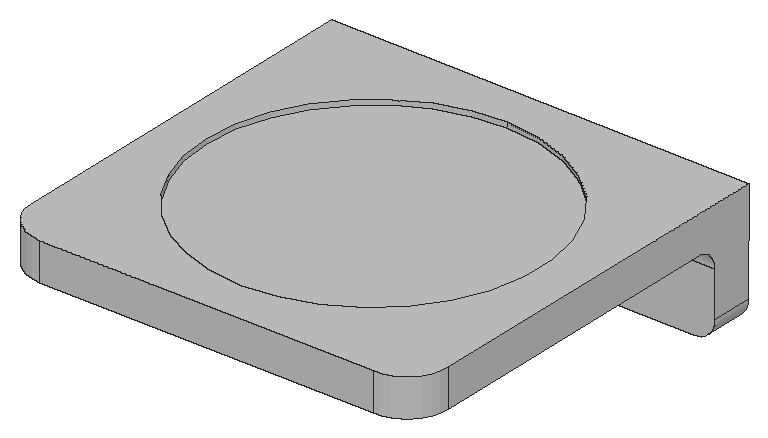
Revit family "RBA1622-111", category Plumbing Fixtures, Revit 2021
Family settings
  Round Connector Dimension = Use Diameter
  Part Type = Normal
  Work Plane-Based = No
  Always vertical = Yes
  Cut with Voids When Loaded = No
  Shared = Yes
  Room Calculation Point = No
Parameters
  Watermarked By = "www.rba.com.au"
  Waste Connection = yes
  Vent Connection = yes
  URL = "www.rba.com.au"
  Phone Number = ""
  Model = "RBA1622-111"
  Materials and Finishes = Stainless Steel AISI 304
  Manufacturer Model = ""
  Manufacturer = "RBA Group"  # constant formula
  HW Connection = yes
  Description = "ënda Soap Dish"
  Default Elevation = 0 mm
  Copyright by = "RBA Group"  # constant formula
  CW Connection = yes
Reference planes
  plane 1 "Center (Front/Back)": y = 0
  plane 2: z = 0
  plane 3 "Center (Left/Right)": x = 0
Forms (mm)
  Extrusion 1, solid, material "Stainless Steel AISI 304" <- "Materials and Finishes"
    sketch origin (0, 60, 0) x (0, 1, 0) y (-1, 0, 0)
      loop
        line (-110, 40) -> (-110, -40)
        arc (-110, -40) -> (-107.071, -47.071) -> (-100, -50) r 10
        line (-100, -50) -> (-10, -50) -> (-10, 50) -> (-100, 50)
        arc (-100, 50) -> (-107.071, 47.071) -> (-110, 40) r 10
    from 21 to 30
  Extrusion 2, solid, material "Stainless Steel AISI 304" <- "Materials and Finishes"
    sketch origin (0, 50, 0) x (0, 1, 0) y (0, 0, 1)
      loop
        line (-10, 0) -> (0, 0) -> (0, 21) -> (-15, 21)
        arc (-15, 21) -> (-11.464, 19.536) -> (-10, 16) r 5
        line (-10, 16) -> (-10, 0)
    from -50 to 50
  Extrusion 3, void
    sketch origin (0, 55, 0) x (0, 1, 0) y (-1, 0, 0)
      loop
        circle (-55, 0) r 40
    from 28.8 to 30
  Extrusion 4, void
    sketch origin (0, 7.5, -8) x (1, 0, 0) y (0, 0, 1)
      loop
        arc (-45, 8) -> (-48.536, 9.464) -> (-50, 13) r 5
        line (-50, 13) -> (-55, 13) -> (-55, 3) -> (55, 3) -> (55, 13) -> (50, 13)
        arc (50, 13) -> (48.536, 9.464) -> (45, 8) r 5
        line (45, 8) -> (-45, 8)
    from -42.5 to -32.5
Cuts and joins
  Extrusion 3, Extrusion 4 cuts Extrusion 1
  Extrusion 4 cuts Extrusion 2
  joined: Extrusion 1, Extrusion 2
Dimensions and locks
  aligned and locked: plane 2 to level
